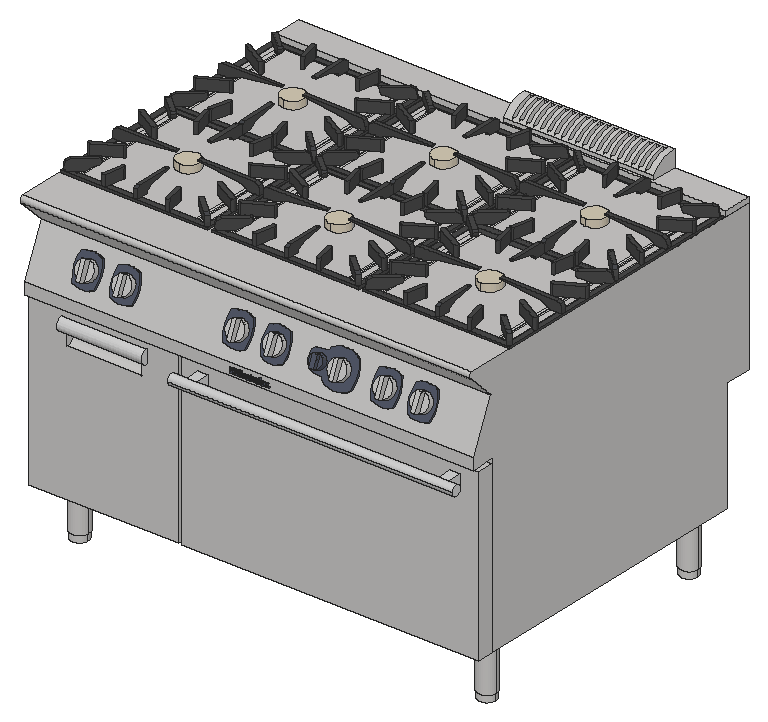
Revit family "QF_ELECTROLUXPROFESSIONAL_391013_E9GCGL6C10", category Specialty Equipment, Revit 2018 (continued)
Definition of nested family "371009_BURNER"
  Automatic sketch dimensions
    curve 107 to curve 107 = 1.125 mm
    plane 1 "BACK" to curve 104 = 7.524 mm
    plane 1 "BACK" to curve 109 = 7.524 mm
    curve 62 to curve 109 = 41.179 mm
    curve 109 to curve 109 = 4.872 mm
    plane 1 "BACK" to curve 108 = 5.275 mm
    curve 109 to curve 108 = 4.872 mm
    curve 110 to curve 111 = 11.182 mm
    curve 110 to curve 111 = 4.872 mm
    plane 1 "BACK" to curve 108 = 53.711 mm
    curve 111 to curve 108 = 4.872 mm
    curve 111 to curve 108 = 2.25 mm
    radius of Extrusion 4 sketch curve = 30 mm
